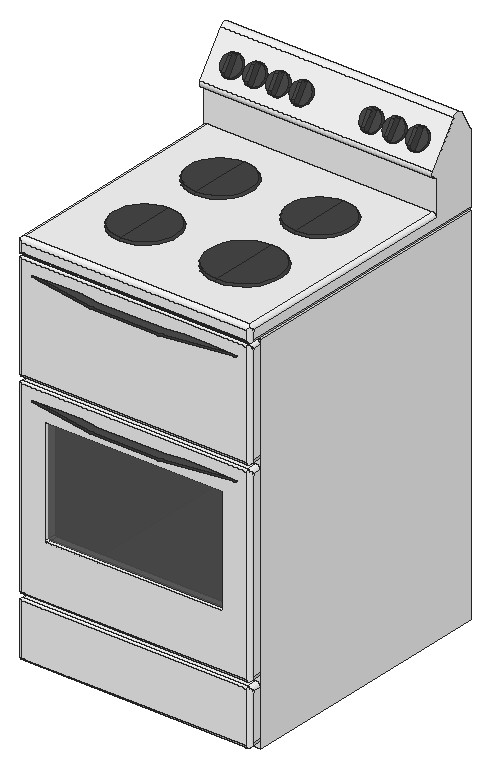
Revit family
Parameters
  Width = 550 mm
  Manufacturer = "Fabio Loretti"
  Height = 905 mm
  Depth = 650 mm
Reference planes
  plane 1 "Back": y = 0
  plane 2: z = 0
  plane 3 "Center (Left/Right)": x = 0
  plane 4 "Left": x = -275
  plane 5 "Right": x = 275
  plane 6: y = -620
  plane 7 "Front": y = -650
  plane 8 "Top": z = 905
  plane 9: z = 140
  plane 10: z = 150
  plane 11: z = 600
  plane 12: z = 610
  plane 13: z = 865
  plane 14: z = 870
  plane 15: y = -622
  plane 16: z = 10
  plane 17: x = -210
  plane 18: x = 210
  plane 19: z = 535
  plane 20: z = 280
  plane 21: y = -638
  plane 22: y = -642
  plane 23: z = 895
  plane 24 "Handle bottom": z = 567.5
  plane 25: x = -242.5
  plane 26: x = 242.5
  plane 27: z = 832.5
  plane 28: x = -117.857
  plane 29: x = -39.286
  plane 30: x = 39.286
  plane 31: x = 117.857
  plane 32: x = 196.429
  plane 33: x = -196.429
  plane 34: y = -100
  plane 35: y = -174.286
  plane 36: y = -248.571
  plane 37: y = -322.857
  plane 38: y = -397.143
  plane 39: y = -471.429
  plane 40: y = -545.714
  plane 41: x = -220
  plane 42: x = -165
  plane 43: x = -110
  plane 44: x = -55
  plane 45: x = 0
  plane 46: x = 55
  plane 47: x = 110
  plane 48: x = 165
  plane 49: x = 220
  plane 50: y = -20
Forms (mm)
  Extrusion 1, solid, material "Stove Whirlpool - Metal"
    sketch origin (0, 0, 0) x (1, 0, 0) y (0, 1, 0)
      loop
        line (-275, -620) -> (275, -620) -> (275, 0) -> (-275, 0) -> (-275, -620)
    from 0 to 870
  Extrusion 2, solid, material "Stove Whirlpool - Metal"
    sketch origin (0, 0, 0) x (1, 0, 0) y (0, 1, 0)
      loop
        line (-275, -650) -> (275, -650) -> (275, 0) -> (-275, 0) -> (-275, -650)
    from 870 to 905
  Sweep 3, void
    path in 3D
      loop
        line (-275, 0, 905) -> (-275, -650, 905) -> (275, -650, 905) -> (275, 0, 905)
    profile "3D fillet : 3D fillet 10mm" origin (-275, -325, 905) x (1, 0, 0) y (0, 0, 1)
      loop
        line (0, 0) -> (0, -10)
        arc (0, -10) -> (2.929, -2.929) -> (10, 0) r 10
        line (10, 0) -> (0, 0)
  Sweep 4, void
    path in 3D
      loop
        line (275, 0, 870) -> (275, -650, 870) -> (-275, -650, 870) -> (-275, 0, 870)
    profile "3D fillet : 3D fillet 4mm" origin (-275, -325, 870) x (1, 0, 0) y (0, 0, -1)
      loop
        line (0, 0) -> (0, -4)
        arc (0, -4) -> (1.172, -1.172) -> (4, 0) r 4
        line (4, 0) -> (0, 0)
  Sweep 5, void
    path in 3D
      loop
        line (-275, 0, 870) -> (-275, -620, 870) -> (275, -620, 870) -> (275, 0, 870)
    profile "3D fillet : 3D fillet 4mm" origin (-275, -310, 870) x (1, 0, 0) y (0, 0, 1)
      loop
        line (0, 0) -> (0, -4)
        arc (0, -4) -> (1.172, -1.172) -> (4, 0) r 4
        line (4, 0) -> (0, 0)
  Extrusion 6, solid, material "Stove Whirlpool - Metal"
    sketch origin (0, 0, 0) x (1, 0, 0) y (0, 0, 1)
      loop
        line (-275, 855) -> (-275, 620)
        arc (-275, 620) -> (-272.071, 612.929) -> (-265, 610) r 10
        line (-265, 610) -> (265, 610)
        arc (265, 610) -> (272.071, 612.929) -> (275, 620) r 10
        line (275, 620) -> (275, 855)
        arc (275, 855) -> (272.071, 862.071) -> (265, 865) r 10
        line (265, 865) -> (-265, 865)
        arc (-265, 865) -> (-272.071, 862.071) -> (-275, 855) r 10
      loop
        line (-265, 150) -> (265, 150)
        arc (265, 150) -> (272.071, 152.929) -> (275, 160) r 10
        line (275, 160) -> (275, 590)
        arc (275, 590) -> (272.071, 597.071) -> (265, 600) r 10
        line (265, 600) -> (-265, 600)
        arc (-265, 600) -> (-272.071, 597.071) -> (-275, 590) r 10
        line (-275, 590) -> (-275, 160)
        arc (-275, 160) -> (-272.071, 152.929) -> (-265, 150) r 10
      loop
        line (-265, 10) -> (265, 10)
        arc (265, 10) -> (272.071, 12.929) -> (275, 20) r 10
        line (275, 20) -> (275, 130)
        arc (275, 130) -> (272.071, 137.071) -> (265, 140) r 10
        line (265, 140) -> (-265, 140)
        arc (-265, 140) -> (-272.071, 137.071) -> (-275, 130) r 10
        line (-275, 130) -> (-275, 20)
        arc (-275, 20) -> (-272.071, 12.929) -> (-265, 10) r 10
    from 622 to 650
  Extrusion 7, void
    sketch origin (0, 0, 0) x (1, 0, 0) y (0, 1, 0)
      loop
        line (-275, -640) -> (-275, -650) -> (-265, -650)
        arc (-265, -650) -> (-272.071, -647.071) -> (-275, -640) r 10
      loop
        line (275, -650) -> (275, -640)
        arc (275, -640) -> (272.071, -647.071) -> (265, -650) r 10
        line (265, -650) -> (275, -650)
    from 0 to 905
  Sweep 8, void
    path in 3D
      loop
        line (-275, -650, 865) -> (-275, -650, 610)
    profile "3D fillet : 3D fillet 10mm" origin (-275, -650, 737.5) x (0, -1, 0) y (-1, 0, 0)
      loop
        line (0, 0) -> (-10, 0)
        arc (-10, 0) -> (-2.929, -2.929) -> (0, -10) r 10
        line (0, -10) -> (0, 0)
  Sweep 9, void
    path in 3D
      loop
        line (-275, -650, 600) -> (-275, -650, 150)
    profile "3D fillet : 3D fillet 10mm" origin (-275, -650, 375) x (0, -1, 0) y (-1, 0, 0)
      loop
        line (0, 0) -> (-10, 0)
        arc (-10, 0) -> (-2.929, -2.929) -> (0, -10) r 10
        line (0, -10) -> (0, 0)
  Sweep 10, void
    path in 3D
      loop
        line (-275, -622, 620) -> (-275, -622, 855)
    profile "3D fillet : 3D fillet 4mm" origin (-275, -622, 737.5) x (0, 1, 0) y (-1, 0, 0)
      loop
        line (0, 0) -> (-4, 0)
        arc (-4, 0) -> (-1.172, -1.172) -> (0, -4) r 4
        line (0, -4) -> (0, 0)
  Sweep 11, void
    path in 3D
      loop
        line (-275, -650, 140) -> (-275, -650, 10)
    profile "3D fillet : 3D fillet 10mm" origin (-275, -650, 75) x (0, -1, 0) y (-1, 0, 0)
      loop
        line (0, 0) -> (-10, 0)
        arc (-10, 0) -> (-2.929, -2.929) -> (0, -10) r 10
        line (0, -10) -> (0, 0)
  Sweep 12, void
    path in 3D
      loop
        line (275, -650, 610) -> (275, -650, 865)
    profile "3D fillet : 3D fillet 10mm" origin (275, -650, 737.5) x (0, -1, 0) y (1, 0, 0)
      loop
        line (0, 0) -> (-10, 0)
        arc (-10, 0) -> (-2.929, -2.929) -> (0, -10) r 10
        line (0, -10) -> (0, 0)
  Sweep 13, void
    path in 3D
      loop
        line (275, -650, 150) -> (275, -650, 600)
    profile "3D fillet : 3D fillet 10mm" origin (275, -650, 375) x (0, -1, 0) y (1, 0, 0)
      loop
        line (0, 0) -> (-10, 0)
        arc (-10, 0) -> (-2.929, -2.929) -> (0, -10) r 10
        line (0, -10) -> (0, 0)
  Sweep 14, void
    path in 3D
      loop
        line (275, -650, 10) -> (275, -650, 140)
    profile "3D fillet : 3D fillet 10mm" origin (275, -650, 75) x (0, -1, 0) y (1, 0, 0)
      loop
        line (0, 0) -> (-10, 0)
        arc (-10, 0) -> (-2.929, -2.929) -> (0, -10) r 10
        line (0, -10) -> (0, 0)
  Extrusion 15, void
    sketch origin (-275, 0, 0) x (0, 1, 0) y (0, 0, 1)
      loop
        line (-646, 865) -> (-650, 865) -> (-650, 861)
        arc (-650, 861) -> (-648.828, 863.828) -> (-646, 865) r 4
      loop
        arc (-646, 610) -> (-648.828, 611.172) -> (-650, 614) r 4
        line (-650, 614) -> (-650, 610) -> (-646, 610)
      loop
        line (-646, 600) -> (-650, 600) -> (-650, 596)
        arc (-650, 596) -> (-648.828, 598.828) -> (-646, 600) r 4
      loop
        line (-650, 154) -> (-650, 150) -> (-646, 150)
        arc (-646, 150) -> (-648.828, 151.172) -> (-650, 154) r 4
      loop
        line (-646, 140) -> (-650, 140) -> (-650, 136)
        arc (-650, 136) -> (-648.828, 138.828) -> (-646, 140) r 4
      loop
        arc (-646, 10) -> (-648.828, 11.172) -> (-650, 14) r 4
        line (-650, 14) -> (-650, 10) -> (-646, 10)
    from 0 to 550
  Extrusion 16, void
    sketch origin (0, -650, 0) x (1, 0, 0) y (0, 0, 1)
      loop
        arc (-206, 535) -> (-208.828, 533.828) -> (-210, 531) r 4
        line (-210, 531) -> (-210, 284)
        arc (-210, 284) -> (-208.828, 281.172) -> (-206, 280) r 4
        line (-206, 280) -> (206, 280)
        arc (206, 280) -> (208.828, 281.172) -> (210, 284) r 4
        line (210, 284) -> (210, 531)
        arc (210, 531) -> (208.828, 533.828) -> (206, 535) r 4
        line (206, 535) -> (-206, 535)
    from -28 to 0
  Extrusion 17, solid, material "Stove Whirlpool - Glass"
    sketch origin (0, -650, 0) x (1, 0, 0) y (0, 0, 1)
      loop
        line (-210, 535) -> (-210, 280) -> (210, 280) -> (210, 535) -> (-210, 535)
    from -12 to -8
  Extrusion 18, solid, material "Stove Whirlpool - Metal"
    sketch origin (275, 0, 0) x (0, 1, 0) y (0, 0, -1)
      loop
        line (-100, -895) -> (-100, -978.301) -> (-109.146, -984.705)
        arc (-109.146, -984.705) -> (-113.258, -991.16) -> (-111.602, -998.633) r 10
        line (-111.602, -998.633) -> (-50.284, -1086.204)
        arc (-50.284, -1086.204) -> (-37.342, -1092.586) -> (-25.006, -1085.1) r 15
        line (-25.006, -1085.1) -> (-1.34, -1044.109)
        arc (-1.34, -1044.109) -> (-0.341, -1041.697) -> (0, -1039.109) r 10
        line (0, -1039.109) -> (0, -895) -> (-100, -895)
    from 0 to 550
  Sweep 19, solid, material "Stove Whirlpool - Handle"
    path in 3D
      loop
        arc (-242.5, -650, 567.5) -> (0, -680.154, 567.5) -> (242.5, -650, 567.5) r 990.16
    profile "Handle : Handle" origin (0, -680.154, 567.5) x (0, 1, 0) y (0, 0, 1)
      loop
        arc (1.414, 1.897) -> (0, 0) -> (1.414, -1.897) r 1.98
        arc (1.414, -1.897) -> (9.917, -3.797) -> (18.603, -4.485) r 61.945
        arc (18.603, -4.485) -> (20.02, 0) -> (18.603, 4.485) r 7.804
        arc (18.603, 4.485) -> (9.917, 3.797) -> (1.414, 1.897) r 61.945
  Sweep 20, solid, material "Stove Whirlpool - Handle"
    path in 3D
      loop
        arc (-242.5, -650, 832.5) -> (0, -680.154, 832.5) -> (242.5, -650, 832.5) r 990.16
    profile "Handle : Handle" origin (0, -680.154, 832.5) x (0, 1, 0) y (0, 0, 1)
      loop
        arc (1.414, 1.897) -> (0, 0) -> (1.414, -1.897) r 1.98
        arc (1.414, -1.897) -> (9.917, -3.797) -> (18.603, -4.485) r 61.945
        arc (18.603, -4.485) -> (20.02, 0) -> (18.603, 4.485) r 7.804
        arc (18.603, 4.485) -> (9.917, 3.797) -> (1.414, 1.897) r 61.945
  Revolve 21, solid, material "Stove Whirlpool - Heads"
    sketch origin (-117.857, -798.869, 1200) x (0, -1, 0) y (0, 0, 1)
      loop
        line (-327.441, -295) -> (-252.441, -295) -> (-255.401, -290) -> (-327.441, -290) -> (-327.441, -295)
      axis (-327.441, -295) -> (-327.441, -290)
    angle from 0 to 360
  Revolve 22, solid, material "Stove Whirlpool - Heads"
    sketch origin (117.857, -798.869, 1200) x (0, -1, 0) y (0, 0, 1)
      loop
        line (-327.441, -295) -> (-242.441, -295) -> (-245.401, -290) -> (-327.441, -290) -> (-327.441, -295)
      axis (-327.441, -295) -> (-327.441, -290)
    angle from 0 to 360
  Revolve 23, solid, material "Stove Whirlpool - Heads"
    sketch origin (-117.857, -576.012, 1200) x (0, -1, 0) y (0, 0, 1)
      loop
        line (-327.441, -295) -> (-252.441, -295) -> (-255.401, -290) -> (-327.441, -290) -> (-327.441, -295)
      axis (-327.441, -295) -> (-327.441, -290)
    angle from 0 to 360
  Revolve 24, solid, material "Stove Whirlpool - Heads"
    sketch origin (117.857, -576.012, 1200) x (0, -1, 0) y (0, 0, 1)
      loop
        line (-327.441, -295) -> (-252.441, -295) -> (-255.401, -290) -> (-327.441, -290) -> (-327.441, -295)
      axis (-327.441, -295) -> (-327.441, -290)
    angle from 0 to 360
  Extrusion 25, void
    sketch origin (275, 0, 0) x (0, 1, 0) y (0, 0, -1)
      loop
        line (-620, -150) -> (-620, -567.5) -> (-20, -567.5) -> (-20, -150) -> (-620, -150)
    from 32.5 to 517.5
Cuts and joins
  Sweep 3, Sweep 4, Sweep 5, Extrusion 7 cuts Extrusion 2
  joined: Extrusion 2, Extrusion 18
  Sweep 5, Extrusion 25 cuts Extrusion 1
  Sweep 8, Sweep 9, Sweep 10, Sweep 11, Sweep 12, Sweep 13, Sweep 14, Extrusion 15, Extrusion 16 cuts Extrusion 6
Lines and regions (mm)
  sketch lines
    curve 1: line (-275, 0, 905) -> (-275, -650, 905)
    curve 2: line (-275, -650, 905) -> (275, -650, 905)
    curve 3: line (275, -650, 905) -> (275, 0, 905)
    curve 4: line (-275, -650, 870) -> (-275, 0, 870)
    curve 5: line (275, -650, 870) -> (-275, -650, 870)
    curve 6: line (275, 0, 870) -> (275, -650, 870)
    curve 7: line (-275, 0, 870) -> (-275, -620, 870)
    curve 8: line (-275, -620, 870) -> (275, -620, 870)
    curve 9: line (275, -620, 870) -> (275, 0, 870)
    curve 10: line (-275, -650, 865) -> (-275, -650, 610)
    curve 11: line (-275, -650, 600) -> (-275, -650, 150)
    curve 12: line (-275, -622, 620) -> (-275, -622, 855)
    curve 13: line (-275, -650, 140) -> (-275, -650, 10)
    curve 14: line (275, -650, 610) -> (275, -650, 865)
    curve 15: line (275, -650, 150) -> (275, -650, 600)
    curve 16: line (275, -650, 10) -> (275, -650, 140)
    curve 18: arc (-242.5, -650, 567.5) -> (0, -680.154, 567.5) -> (242.5, -650, 567.5) r 990.16
    curve 20: arc (-242.5, -650, 832.5) -> (0, -680.154, 832.5) -> (242.5, -650, 832.5) r 990.16
  reference lines
    curve 17: arc (-242.5, -650, 567.5) -> (0, -680.154, 567.5) -> (242.5, -650, 567.5) r 990.16
    curve 19: arc (-242.5, -650, 832.5) -> (0, -680.154, 832.5) -> (242.5, -650, 832.5) r 990.16
Dimensions and locks
  "Width": plane 4 "Left" to plane 5 "Right"
  "Depth": plane 7 "Front" to plane 1 "Back"
  locked: plane 7 "Front" to plane 6 at 30
  plane 8 "Top" to plane 13 to plane 12 to plane 11 to plane 10 to plane 9 = 40 mm locked, 255 mm locked, 10 mm locked, 450 mm locked, 10 mm locked
  "Height": plane 8 "Top" to level
  locked: plane 14 to plane 13 at 5
  locked: plane 15 to plane 6 at 2
  locked: plane 16 to level at 10
  plane 11 to plane 19 to plane 20 to plane 10 = 65 mm, 255 mm, 130 mm
  equal spacing: plane 18, plane 3 "Center (Left/Right)", plane 17
  equal spacing: plane 4 "Left", plane 3 "Center (Left/Right)", plane 5 "Right"
  locked: plane 7 "Front" to plane 22 at 8
  locked: plane 22 to plane 21 at 4
  locked: plane 8 "Top" to plane 23 at 10
  equal spacing: plane 11, plane 24 "Handle bottom", plane 19
  equal spacing: plane 17, plane 25, plane 4 "Left"
  equal spacing: plane 18, plane 26, plane 5 "Right"
  locked: plane 13 to plane 27 at 32.5
  equal spacing: plane 4 "Left", plane 33, plane 28, plane 29, plane 30, plane 31, plane 32, plane 5 "Right"
  equal spacing: plane 6, plane 40, plane 39, plane 38, plane 37, plane 36, plane 35, plane 34
  equal spacing: plane 5 "Right", plane 49, plane 48, plane 47, plane 46, plane 45, plane 44, plane 43, plane 42, plane 41, plane 4 "Left"
  locked: plane 50 to plane 1 "Back" at 20
  aligned and locked: plane 4 "Left" to Extrusion 2 sketch curve
  aligned and locked: plane 7 "Front" to Extrusion 2 sketch curve
  aligned and locked: Extrusion 2 sketch curve to Extrusion 1  (x2)
  aligned and locked: Extrusion 1 sketch curve to plane 5 "Right"
  aligned and locked: Extrusion 1 sketch curve to plane 4 "Left"
  aligned and locked: Extrusion 1 sketch curve to plane 1 "Back"
  aligned and locked: plane 6 to Extrusion 1 sketch curve
  aligned and locked: Extrusion 2 sketch curve to plane 4 "Left"
  aligned and locked: plane 8 "Top" to cut or joined group of Extrusion 2, Sweep 3, Sweep 4, Sweep 5, Extrusion 7, Extrusion 18
  aligned and locked: cut or joined group of Extrusion 2, Sweep 3, Sweep 4, Sweep 5, Extrusion 7, Extrusion 18 to plane 14
  aligned and locked: plane 14 to cut or joined group of Extrusion 1, Sweep 5, Extrusion 25
  aligned and locked: Extrusion 6 sketch curve to plane 4 "Left"
  aligned and locked: Extrusion 6 sketch curve to plane 13
  aligned and locked: plane 5 "Right" to Extrusion 6 sketch curve
  aligned and locked: Extrusion 6 sketch curve to plane 10
  aligned and locked: plane 7 "Front" to Extrusion 6
  aligned and locked: Extrusion 6 to plane 15
  aligned and locked: Extrusion 6 sketch curve to plane 16
  aligned and locked: Extrusion 6 sketch curve to plane 9
  aligned and locked: Extrusion 6 sketch curve to plane 12
  aligned and locked: Extrusion 6 sketch curve to plane 11
  aligned and locked: Extrusion 7 sketch curve to plane 4 "Left"
  aligned and locked: Extrusion 7 sketch curve to plane 7 "Front"
  aligned and locked: plane 13 to Extrusion 15 sketch curve
  aligned and locked: plane 7 "Front" to Extrusion 15 sketch curve  (x3)
  aligned and locked: plane 12 to Extrusion 15 sketch curve
  aligned and locked: plane 11 to Extrusion 15 sketch curve
  aligned and locked: plane 9 to Extrusion 15 sketch curve
  aligned and locked: plane 10 to Extrusion 15 sketch curve
  aligned and locked: plane 16 to Extrusion 15 sketch curve
  aligned and locked: Extrusion 15 to plane 5 "Right"
  aligned and locked: Extrusion 16 sketch curve to plane 19
  aligned and locked: Extrusion 16 sketch curve to plane 20
  aligned and locked: Extrusion 16 sketch curve to plane 17
  aligned and locked: plane 18 to Extrusion 16 sketch curve
  aligned and locked: Extrusion 16 to plane 15
  aligned and locked: Extrusion 17 sketch curve to plane 17
  aligned and locked: plane 18 to Extrusion 17 sketch curve
  aligned and locked: Extrusion 17 sketch curve to plane 19
  aligned and locked: Extrusion 17 sketch curve to plane 20
  aligned and locked: Extrusion 17 to plane 21
  aligned and locked: plane 22 to Extrusion 17
  aligned and locked: plane 1 "Back" to Extrusion 18 sketch curve
  aligned and locked: Extrusion 18 to plane 5 "Right"
  aligned and locked: Extrusion 18 to plane 4 "Left"
  aligned and locked: Extrusion 18 sketch curve to plane 23
  aligned and locked: curve 17 to plane 24 "Handle bottom"
  aligned and locked: curve 19 to plane 27
  aligned and locked: plane 39 to Revolve 21 sketch curve
  aligned and locked: Revolve 21 sketch curve to plane 39
  aligned and locked: plane 31 to Revolve 22  (x8)
  aligned and locked: plane 28 to Revolve 23  (x8)
  aligned and locked: plane 31 to Revolve 24  (x8)
  aligned and locked: plane 28 to Revolve 21  (x8)
  aligned and locked: nested 1 to plane 41
  aligned and locked: nested 4 to plane 44
  aligned and locked: nested 3 to plane 43
  aligned and locked: nested 2 to plane 42
  aligned and locked: nested 7 to plane 49
  aligned and locked: nested 6 to plane 48
  aligned and locked: nested 5 to plane 47
  aligned and locked: plane 6 to Extrusion 25
  aligned and locked: Extrusion 25 to plane 50
  aligned and locked: Extrusion 25 to plane 25
Automatic sketch dimensions
  Extrusion 6 sketch curve to plane 4 "Left" = 0 mm  (x2)
  plane 5 "Right" to Extrusion 6 sketch curve = 0 mm  (x2)
  plane 4 "Left" to Extrusion 6 sketch curve = 10 mm  (x6)
  plane 5 "Right" to Extrusion 6 sketch curve = 10 mm  (x6)
  Extrusion 7 sketch curve to plane 4 "Left" = 0 mm
  plane 7 "Front" to Extrusion 7 sketch curve = 0 mm  (x3)
  Extrusion 7 sketch curve to plane 5 "Right" = 0 mm  (x2)
  plane 4 "Left" to Extrusion 7 sketch curve = 10 mm
  Extrusion 7 sketch curve to Extrusion 7 sketch curve = 0 mm  (x4)
  Extrusion 7 sketch curve to Extrusion 7 sketch curve = 10 mm
  Extrusion 15 sketch curve to plane 7 "Front" = 0 mm  (x9)
  Extrusion 15 sketch curve to plane 10 = 0 mm
  Extrusion 15 sketch curve to plane 16 = 0 mm
  Extrusion 15 sketch curve to plane 12 = 0 mm
  Extrusion 15 sketch curve to plane 11 = 0 mm
  Extrusion 15 sketch curve to plane 9 = 0 mm
  Extrusion 15 sketch curve to plane 13 = 0 mm
  Extrusion 15 sketch curve to plane 7 "Front" = 4 mm
  Extrusion 15 sketch curve to Extrusion 15 sketch curve = 4 mm  (x6)
  Extrusion 15 sketch curve to Extrusion 15 sketch curve = 0 mm  (x11)
  plane 17 to Extrusion 16 sketch curve = 4 mm  (x2)
  plane 18 to Extrusion 16 sketch curve = 4 mm  (x2)
  Extrusion 18 sketch curve to plane 34 = 0 mm
  plane 34 to Extrusion 18 sketch curve = 3.41 mm
  plane 34 to Extrusion 18 sketch curve = 9.146 mm
  Extrusion 18 sketch curve to Extrusion 18 sketch curve = 8.192 mm  (x2)
  Extrusion 18 sketch curve to plane 34 = 49.716 mm
  Extrusion 18 sketch curve to Extrusion 18 sketch curve = 12.287 mm
  Extrusion 18 sketch curve to Extrusion 18 sketch curve = 12.99 mm
  Extrusion 18 sketch curve to plane 1 "Back" = 10 mm
  Extrusion 18 sketch curve to plane 1 "Back" = 1.34 mm
  Extrusion 18 sketch curve to plane 8 "Top" = 73.301 mm
  Extrusion 18 sketch curve to Extrusion 18 sketch curve = 6.404 mm
  Extrusion 18 sketch curve to Extrusion 18 sketch curve = 46.212 mm
  Extrusion 18 sketch curve to Extrusion 18 sketch curve = 38.491 mm
  Extrusion 18 sketch curve to Extrusion 18 sketch curve = 7.5 mm
  plane 7 "Front" to curve 17 = 0 mm  (x2)
  curve 17 to plane 26 = 0 mm
  curve 17 to plane 3 "Center (Left/Right)" = 0 mm
  curve 17 to plane 1 "Back" = 310.005 mm
  plane 7 "Front" to curve 19 = 0 mm  (x2)
  curve 19 to plane 26 = 0 mm
  curve 19 to plane 3 "Center (Left/Right)" = 0 mm
  curve 19 to plane 1 "Back" = 310.005 mm
  Revolve 21 sketch curve to plane 8 "Top" = 0 mm
  plane 40 to Revolve 21 sketch curve = 2.246 mm
  Revolve 21 sketch curve to plane 40 = 0.714 mm
  Revolve 21 sketch curve to level = 304.8 mm
  plane 8 "Top" to Revolve 21 sketch curve = 5 mm
  Revolve 21 sketch curve to Revolve 21 sketch curve = 1528.4 mm
  Revolve 22 sketch curve to plane 8 "Top" = 0 mm
  Revolve 22 sketch curve to plane 39 = 0 mm  (x2)
  Revolve 22 sketch curve to plane 40 = 7.754 mm
  Revolve 22 sketch curve to plane 40 = 10.714 mm
  Revolve 22 sketch curve to level = 304.8 mm
  plane 8 "Top" to Revolve 22 sketch curve = 5 mm
  Revolve 22 sketch curve to Revolve 22 sketch curve = 1528.4 mm
  Revolve 23 sketch curve to plane 8 "Top" = 0 mm
  Revolve 23 sketch curve to plane 36 = 0 mm  (x2)
  plane 37 to Revolve 23 sketch curve = 2.246 mm
  Revolve 23 sketch curve to plane 37 = 0.714 mm
  Revolve 23 sketch curve to level = 304.8 mm
  Revolve 23 sketch curve to Revolve 23 sketch curve = 5 mm
  Revolve 23 sketch curve to Revolve 23 sketch curve = 1528.4 mm
  Revolve 24 sketch curve to plane 8 "Top" = 0 mm
  Revolve 24 sketch curve to plane 36 = 0 mm  (x2)
  plane 37 to Revolve 24 sketch curve = 2.246 mm
  Revolve 24 sketch curve to plane 37 = 0.714 mm
  Revolve 24 sketch curve to level = 304.8 mm
  plane 8 "Top" to Revolve 24 sketch curve = 5 mm
  Revolve 24 sketch curve to Revolve 24 sketch curve = 1528.4 mm
  plane 38 to Extrusion 25 sketch curve = 222.857 mm
  Extrusion 25 sketch curve to plane 35 = 154.286 mm
  plane 20 to Extrusion 25 sketch curve = 130 mm
  plane 24 "Handle bottom" to Extrusion 25 sketch curve = 0 mm
Nested families
  nested 1: "Button" at (-220, -84.614, 1037.175) x (1, 0, 0) z (0, -0.8192, 0.5736), type "Button"
  nested 2: "Button" at (-165, -84.614, 1037.175) x (1, 0, 0) z (0, -0.8192, 0.5736), type "Button"
  nested 3: "Button" at (-110, -84.614, 1037.175) x (1, 0, 0) z (0, -0.8192, 0.5736), type "Button"
  nested 4: "Button" at (-55, -84.614, 1037.175) x (1, 0, 0) z (0, -0.8192, 0.5736), type "Button"
  nested 5: "Button" at (110, -84.614, 1037.175) x (1, 0, 0) z (0, -0.8192, 0.5736), type "Button"
  nested 6: "Button" at (165, -84.614, 1037.175) x (1, 0, 0) z (0, -0.8192, 0.5736), type "Button"
  nested 7: "Button" at (220, -84.614, 1037.175) x (1, 0, 0) z (0, -0.8192, 0.5736), type "Button"
Definition of nested family "Button"
  Parameters
    Default Elevation = 1219.2 mm
    Button = none
  Reference planes
    plane 1 "Center (Front/Back)": y = 0
    plane 2: z = 0
    plane 3 "Center (Left/Right)": x = 0
  Forms (mm)
    Extrusion 1, solid
      sketch origin (0, 0, 0) x (1, 0, 0) y (0, 1, 0)
        loop
          line (-1219.2, 1219.2) -> (-1219.2, -1219.2) -> (1219.2, -1219.2) -> (1219.2, 1219.2) -> (-1219.2, 1219.2)
      from 0 to -304.8
    Extrusion 2, solid, material <- "Button"
      sketch origin (0, 0, 0) x (1, 0, 0) y (0, 1, 0)
        loop
          circle (0, 0) r 25
      from 0 to 5
    Extrusion 3, solid, material <- "Button"
      sketch origin (0, 0, 0) x (0, 1, 0) y (0, 0, 1)
        loop
          line (22.5, 5) -> (22.5, 15)
          arc (22.5, 15) -> (21.036, 18.536) -> (17.5, 20) r 5
          line (17.5, 20) -> (-17.5, 20)
          arc (-17.5, 20) -> (-21.036, 18.536) -> (-22.5, 15) r 5
          line (-22.5, 15) -> (-22.5, 5) -> (22.5, 5)
      from -4 to 4
  Dimensions and locks
    aligned and locked: plane 2 to Extrusion 1
    aligned and locked: level to Extrusion 1
